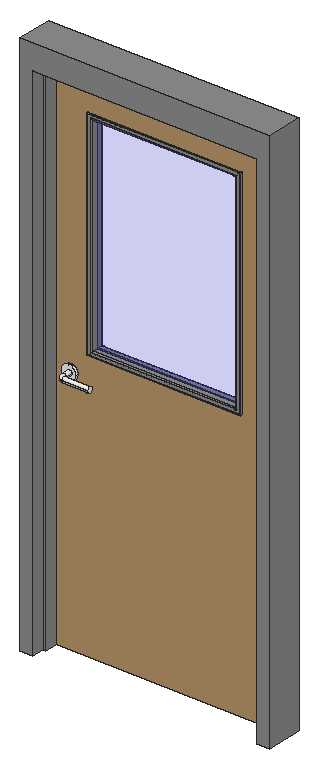
Revit family "5290b7bf82ff423a8526fb3d833f64e2", category Doors, host Wall, Revit 2021
Family settings
  Host = Wall
  OmniClass Number = 23.30.10.00
  OmniClass Title = Doors
  Always vertical = Yes
  Cut with Voids When Loaded = No
  Shared = No
  Room Calculation Point = No
Parameters
  Visual Light Transmittance = 0
  Thickness = 1 3/4"
  Thermal Resistance (R) = 2.5876 (h·ft²·°F)/BTU
  Swing Angle [instance] = 90.00°
  Strike Height = 40"
  Solar Heat Gain Coefficient = 0
  Rough Width [instance] = Width + MF Opening Width  # 40"
  Rough Height [instance] = Height + MF Opening Height  # 88"
  Panel Material = Wood - Birch
  Masonry Frame [instance] = yes
  MF Opening Height [instance] = if(Masonry Frame, 4", 1 1/4")  # 4"
  MF Opening Width [instance] = if(Masonry Frame, 4", 2 1/2")  # 4"
  Inset Calculate [instance] = if(Masonry Frame, Masonry Inset + 3", 3")  # 4"
  Masonry Inset [instance] = 1"
  Height = 84"
  Wall Closure = By host
  Width = 36"
  Heat Transfer Coefficient (U) = 0.3865 BTU/(h·ft²·°F)
  Glazing = Glass
  Glass Stop Material = Metal - Paint Finish - Grey
  Function = Exterior
  Frame Material = Metal - Paint Finish - Grey
  Masonry Frame Depth = 5 3/4"
  Dry Wall Frame [instance] = not(Masonry Frame)  # no
  Door Handle Material = Aluminum
  Assembly Code = "B2030100"
  Analytic Construction = "Wooden"
Reference planes
  plane 1 "Center (Front/Back)": y = 0
  plane 2 "Center (Left/Right)": x = 0
  plane 3 "Left": x = -508
  plane 4 "Right": x = 508
  plane 5 "Top": z = 2235.2
  plane 6 "Exterior": y = 107.95
  plane 7 "Interior": y = -95.25
  plane 8 "Door Panel Left": x = -457.2
  plane 9 "Door Panel Right": x = 457.2
  plane 10 "Top Of Panel": z = 2133.6
  plane 11: z = 0
  plane 12: z = 0
  plane 13 "Door Back": y = 38.1
  plane 14: z = 1016
  plane 15 "Door Front": y = 82.55
  plane 16: y = -63.5
  plane 17: y = 33.337
  plane 18: x = -441.325
  plane 19: y = -14.288
  plane 20: z = 2184.4
  plane 21: y = 184.15
  plane 22: z = 2184.4
  plane 23: x = 476.25
  plane 24: x = 527.05
  plane 25: y = 120.65
  plane 26: y = -107.95
  plane 27: x = 460.375
  plane 28: y = 33.337
  plane 29: y = -4.763
  plane 30: z = 1981.2
  plane 31: z = 1111.25
  plane 32: x = -304.8
  plane 33: x = 304.8
  plane 34: y = 63.5
  plane 35: y = 57.15
  plane 36: y = 60.325
  plane 37 "Glass": y = 60.325
Forms (mm)
  Extrusion 1, solid, material "Wood - Birch" <- "Panel Material"
    sketch origin (0, 0, 0) x (1, 0, 0) y (0, 0, 1)
      loop
        line (457.2, 2133.6) -> (-457.2, 2133.6) -> (-457.2, 0) -> (457.2, 0) -> (457.2, 2133.6)
      loop
        line (304.8, 1981.2) -> (-304.8, 1981.2) -> (-304.8, 1111.25) -> (304.8, 1111.25) -> (304.8, 1981.2)
    from -82.55 to -38.1
  Sweep 2, solid, material "Metal - Paint Finish - Grey" <- "Frame Material", visible <- "Masonry Frame"
    path origin (0, 107.95, 0) x (1, 0, 0) y (0, 0, 1)
      loop
        line (508, 0) -> (508, 2184.4) -> (-508, 2184.4) -> (-508, 0)
    profile origin (-508, 107.95, 1092.2) x (0, -1, 0) y (1, 0, 0)
      loop
        line (25.4, 50.8) -> (25.4, 0) -> (171.45, 0) -> (171.45, 50.8) -> (122.238, 50.8) -> (122.238, 66.675) -> (74.613, 66.675) -> (74.613, 50.8) -> (25.4, 50.8)
  Extrusion 3, solid, material "Metal - Paint Finish - Grey" <- "Frame Material", visible <- "Masonry Frame"
    sketch origin (0, 0, 0) x (0, 1, 0) y (0, 0, 1)
      loop
        line (82.55, 2235.2) -> (-63.5, 2235.2) -> (-63.5, 2184.4) -> (82.55, 2184.4) -> (82.55, 2235.2)
    from -508 to 508
  Sweep 4, solid, material "Metal - Paint Finish - Grey" <- "Frame Material", visible <- "Dry Wall Frame"
    path origin (0, 107.95, 0) x (1, 0, 0) y (0, 0, 1)
      loop
        line (508, 0) -> (508, 2235.2) -> (-508, 2235.2) -> (-508, 0)
    profile origin (508, 107.95, 1117.6) x (-1, 0, 0) y (0, -1, 0)
      loop
        line (-19.05, -12.7) -> (31.75, -12.7) -> (31.75, 74.613) -> (47.625, 74.613) -> (47.625, 112.713) -> (31.75, 112.713) -> (31.75, 215.9) -> (-19.05, 215.9) -> (-19.05, 203.2) -> (0, 203.2) -> (0, 0) -> (-19.05, 0) -> (-19.05, -12.7)
  Extrusion 5, solid, material "Glass" <- "Glazing"
    sketch origin (0, 60.325, 0) x (1, 0, 0) y (0, 0, 1)
      loop
        line (304.8, 1981.2) -> (-304.8, 1981.2) -> (-304.8, 1111.25) -> (304.8, 1111.25) -> (304.8, 1981.2)
    from -3.175 to 3.175
  Sweep 6, solid, material "Metal - Paint Finish - Grey" <- "Glass Stop Material", detail levels fine
    path origin (0, 82.55, 0) x (-1, 0, 0) y (0, 0, 1)
      loop
        line (-304.8, 1981.2) -> (-304.8, 1111.25) -> (304.8, 1111.25) -> (304.8, 1981.2) -> (-304.8, 1981.2)
    profile "Glazing Bead : Glazing Bead" origin (0, 82.55, 1981.2) x (0, 0, 1) y (0, 1, 0)
      loop
        line (0, 0) -> (8, 0) -> (8, 4)
        arc (8, 4) -> (7.414, 5.414) -> (6, 6) r 2
        line (6, 6) -> (-7, 6)
        arc (-7, 6) -> (-10.536, 4.536) -> (-12, 1) r 5
        line (-12, 1) -> (-12, -19.05) -> (0, -19.05) -> (0, 0)
  Sweep 7, solid, material "Metal - Paint Finish - Grey" <- "Glass Stop Material", detail levels fine
    path origin (0, 38.1, 0) x (-1, 0, 0) y (0, 0, 1)
      loop
        line (-304.8, 1111.25) -> (304.8, 1111.25) -> (304.8, 1981.2) -> (-304.8, 1981.2) -> (-304.8, 1111.25)
    profile "Glazing Bead : Glazing Bead" origin (0, 38.1, 1111.25) x (0, 0, 1) y (0, 1, 0)
      loop
        line (0, 0) -> (-8, 0) -> (-8, -4)
        arc (-8, -4) -> (-7.414, -5.414) -> (-6, -6) r 2
        line (-6, -6) -> (7, -6)
        arc (7, -6) -> (10.536, -4.536) -> (12, -1) r 5
        line (12, -1) -> (12, 19.05) -> (0, 19.05) -> (0, 0)
Cuts and joins
  joined: Sweep 2, Extrusion 3
Lines and regions (mm)
  Opening 1
    outline origin (-2286, -95.25, 0) x (1, 0, 0) y (0, 0, 1)
      loop
        line (1778, 0) -> (2794, 0) -> (2794, 2235.2) -> (1778, 2235.2) -> (1778, 0)
  Masking region 1, visible <- "Masonry Frame", detail levels coarse+medium
    outline origin (0, 0, 0) x (1, 0, 0) y (0, 1, 0)
      loop
        line (-508, 82.55) -> (-508, -63.5) -> (-457.2, -63.5) -> (-457.2, 82.55) -> (-508, 82.55)
      loop
        line (508, 82.55) -> (457.2, 82.55) -> (457.2, -63.5) -> (508, -63.5) -> (508, 82.55)
  Masking region 2, visible <- "Masonry Frame", detail levels fine
    outline origin (0, 0, 0) x (1, 0, 0) y (0, 1, 0)
      loop
        line (-508, 82.55) -> (-508, -63.5) -> (-457.2, -63.5) -> (-457.2, -14.288) -> (-441.325, -14.288) -> (-441.325, 33.337) -> (-457.2, 33.337) -> (-457.2, 82.55) -> (-508, 82.55)
      loop
        line (508, 82.55) -> (457.2, 82.55) -> (457.2, 33.337) -> (441.325, 33.337) -> (441.325, -14.288) -> (457.2, -14.288) -> (457.2, -63.5) -> (508, -63.5) -> (508, 82.55)
  Masking region 3, visible <- "Dry Wall Frame", detail levels coarse+medium
    outline origin (0, 0, 0) x (1, 0, 0) y (0, 1, 0)
      loop
        line (476.25, -95.25) -> (508, -95.25) -> (508, 107.95) -> (476.25, 107.95) -> (476.25, -95.25)
      loop
        line (-508, 107.95) -> (-508, -95.25) -> (-476.25, -95.25) -> (-476.25, 107.95) -> (-508, 107.95)
  Masking region 4, visible <- "Dry Wall Frame", detail levels fine
    outline origin (0, 0, 0) x (1, 0, 0) y (0, 1, 0)
      loop
        line (-527.05, 120.65) -> (-527.05, 107.95) -> (-508, 107.95) -> (-508, -95.25) -> (-527.05, -95.25) -> (-527.05, -107.95) -> (-476.25, -107.95) -> (-476.25, -4.763) -> (-460.375, -4.763) -> (-460.375, 33.337) -> (-476.25, 33.337) -> (-476.25, 120.65) -> (-527.05, 120.65)
      loop
        line (527.05, 107.95) -> (527.05, 120.65) -> (476.25, 120.65) -> (476.25, 33.337) -> (460.375, 33.337) -> (460.375, -4.763) -> (476.25, -4.763) -> (476.25, -107.95) -> (527.05, -107.95) -> (527.05, -95.25) -> (508, -95.25) -> (508, 107.95) -> (527.05, 107.95)
  symbolic lines, style "Elevation Swing"
    curve 1: line (-457.2, 107.95, 2133.6) -> (457.2, 107.95, 1066.8)
    curve 2: line (457.2, 107.95, 1066.8) -> (-457.2, 107.95, 0)
  symbolic lines, style "DoorsGlassProjection"
    curve 3: line (0, 60.325, 1981.2) -> (0, 60.325, 1111.25)
  model lines, style "DoorsGlassProjection"
    curve 4: line (304.8, 60.325, 1981.2) -> (304.8, 60.325, 1111.25)
    curve 5: line (-304.8, 60.325, 1981.2) -> (-304.8, 60.325, 1111.25)
Text (mm)
  text "Exterior" at (-1904.17, 693.701, 0), in view "Ref. Level"
  text "Interior" at (-1904.17, -638.649, 0), in view "Ref. Level"
  text "Exterior" at (0, 1019.848, 3124.603), in view "Right"
  text "Interior" at (0, -1635.541, 3124.603), in view "Right"
  text "Interior" at (0, -787.806, 3124.376), in view "Left"
  text "Exterior" at (0, 1386.095, 3124.376), in view "Left"
Dimensions and locks
  equal spacing: plane 3 "Left", plane 2 "Center (Left/Right)", plane 4 "Right"
  "Rough Height": level to plane 5 "Top"
  equal spacing: plane 8 "Door Panel Left", plane 2 "Center (Left/Right)", plane 9 "Door Panel Right"
  "Width": plane 8 "Door Panel Left" to plane 9 "Door Panel Right"
  "Height": level to plane 10 "Top Of Panel"
  plane 11 to plane 12 = 0"
  "Rough Width": plane 3 "Left" to plane 4 "Right"
  equal spacing: plane 12, curve 2, plane 10 "Top Of Panel"
  "Thickness": plane 15 "Door Front" to plane 13 "Door Back"
  "Masonry Frame Depth": plane 15 "Door Front" to plane 16
  locked: plane 13 "Door Back" to plane 17 at 4.763
  locked: plane 16 to plane 19 at 49.213
  locked: plane 8 "Door Panel Left" to plane 18 at 15.875
  locked: plane 20 to plane 5 "Top" at 50.8
  locked: plane 6 "Exterior" to plane 21 at 76.2
  "Inset Calculate": plane 21 to plane 15 "Door Front"
  locked: plane 10 "Top Of Panel" to plane 22 at 50.8
  locked: plane 4 "Right" to plane 24 at 19.05
  locked: plane 6 "Exterior" to plane 25 at 12.7
  locked: plane 26 to plane 7 "Interior" at 12.7
  locked: plane 23 to plane 24 at 50.8
  plane 13 "Door Back" to plane 28 to plane 29 = 3/16" locked, 1 1/2" locked
  locked: plane 27 to plane 23 at 15.875
  "Strike Height": plane 11 to plane 14
  locked: plane 30 to plane 10 "Top Of Panel" at 152.4
  locked: plane 8 "Door Panel Left" to plane 32 at 152.4
  equal spacing: plane 15 "Door Front", plane 36, plane 13 "Door Back"
  locked: plane 36 to plane 35 at 3.175
  locked: plane 34 to plane 36 at 3.175
  locked: plane 33 to plane 9 "Door Panel Right" at 152.4
  locked: plane 14 to plane 31 at 95.25
  equal spacing: plane 15 "Door Front", curve 3, plane 13 "Door Back"
  equal spacing: plane 15 "Door Front", plane 37 "Glass", plane 13 "Door Back"
  aligned and locked: plane 3 "Left" to Opening 1 sketch curve
  aligned and locked: plane 5 "Top" to Opening 1 sketch curve  (x2)
  aligned and locked: Opening 1 sketch curve to plane 4 "Right"
  aligned and locked: Opening 1 sketch curve to level
  aligned and locked: plane 6 "Exterior" to host wall
  aligned and locked: plane 7 "Interior" to host wall
  aligned and locked: plane 11 to level
  aligned and locked: Extrusion 1 sketch curve to plane 10 "Top Of Panel"
  aligned and locked: Extrusion 1 sketch curve to plane 8 "Door Panel Left"
  aligned and locked: plane 9 "Door Panel Right" to Extrusion 1 sketch curve
  aligned and locked: Extrusion 1 sketch curve to plane 12
  aligned and locked: Extrusion 1 to plane 13 "Door Back"
  aligned and locked: nested 1 to plane 9 "Door Panel Right"
  aligned and locked: nested 2 to plane 8 "Door Panel Left"
  aligned and locked: nested 2 to plane 14
  aligned and locked: plane 8 "Door Panel Left" to nested 3
  aligned and locked: nested 3 to plane 13 "Door Back"
  aligned and locked: plane 14 to nested 3
  aligned and locked: nested 1 to plane 15 "Door Front"
  aligned and locked: nested 2 to plane 15 "Door Front"
  aligned and locked: Extrusion 1 to nested 1
  aligned and locked: Sweep 2 sketch curve to plane 3 "Left"  (x2)
  aligned and locked: plane 11 to Sweep 2 sketch curve  (x2)
  aligned and locked: plane 18 to Sweep 2 sketch curve
  aligned and locked: plane 8 "Door Panel Left" to Sweep 2 sketch curve  (x2)
  aligned and locked: plane 17 to Sweep 2 sketch curve
  aligned and locked: Sweep 2 sketch curve to plane 19
  aligned and locked: Sweep 2 sketch curve to plane 16
  aligned and locked: Sweep 2 sketch curve to plane 15 "Door Front"
  aligned and locked: Sweep 2 sketch curve to plane 4 "Right"
  aligned and locked: plane 5 "Top" to Extrusion 3 sketch curve
  aligned and locked: Extrusion 3 sketch curve to plane 16
  aligned and locked: Extrusion 3 sketch curve to plane 15 "Door Front"
  aligned and locked: plane 20 to Extrusion 3 sketch curve
  aligned and locked: cut or joined group of Sweep 2, Extrusion 3 to plane 4 "Right"
  aligned and locked: plane 3 "Left" to cut or joined group of Sweep 2, Extrusion 3
  aligned and locked: Masking region 1 sketch curve to plane 15 "Door Front"
  aligned and locked: plane 8 "Door Panel Left" to Masking region 1 sketch curve
  aligned and locked: Masking region 1 sketch curve to plane 16
  aligned and locked: Masking region 1 sketch curve to plane 3 "Left"
  aligned and locked: plane 15 "Door Front" to Masking region 1 sketch curve
  aligned and locked: Masking region 1 sketch curve to plane 4 "Right"
  aligned and locked: plane 9 "Door Panel Right" to Masking region 1 sketch curve
  aligned and locked: plane 16 to Masking region 1 sketch curve
  aligned and locked: Masking region 2 sketch curve to plane 3 "Left"
  aligned and locked: Masking region 2 sketch curve to plane 16
  aligned and locked: plane 8 "Door Panel Left" to Masking region 2 sketch curve  (x2)
  aligned and locked: Masking region 2 sketch curve to plane 15 "Door Front"
  aligned and locked: Masking region 2 sketch curve to cut or joined group of Sweep 2, Extrusion 3  (x4)
  aligned and locked: plane 15 "Door Front" to Masking region 2 sketch curve
  aligned and locked: Masking region 2 sketch curve to plane 4 "Right"
  aligned and locked: plane 9 "Door Panel Right" to Masking region 2 sketch curve  (x2)
  aligned and locked: plane 16 to Masking region 2 sketch curve
  aligned and locked: cut or joined group of Sweep 2, Extrusion 3 to Masking region 2 sketch curve  (x2)
  aligned and locked: plane 22 to Sweep 2 sketch curve
  aligned and locked: plane 4 "Right" to Sweep 4 sketch curve
  aligned and locked: Sweep 4 sketch curve to plane 3 "Left"
  aligned and locked: plane 24 to Sweep 4 sketch curve  (x2)
  aligned and locked: Sweep 4 sketch curve to plane 7 "Interior"
  aligned and locked: Sweep 4 sketch curve to plane 26
  aligned and locked: Sweep 4 sketch curve to plane 23  (x2)
  aligned and locked: Sweep 4 sketch curve to plane 29
  aligned and locked: plane 27 to Sweep 4 sketch curve
  aligned and locked: plane 28 to Sweep 4 sketch curve
  aligned and locked: Sweep 4 sketch curve to plane 25
  aligned and locked: plane 6 "Exterior" to Sweep 4 sketch curve
  aligned and locked: Sweep 4 sketch curve to plane 4 "Right"
  aligned and locked: plane 5 "Top" to Sweep 4 sketch curve
  aligned and locked: Masking region 3 sketch curve to plane 6 "Exterior"
  aligned and locked: plane 7 "Interior" to Masking region 3 sketch curve
  aligned and locked: Masking region 3 sketch curve to plane 4 "Right"
  aligned and locked: Masking region 3 sketch curve to Sweep 4  (x2)
  aligned and locked: plane 6 "Exterior" to Masking region 3 sketch curve
  aligned and locked: Masking region 3 sketch curve to plane 3 "Left"
  aligned and locked: Masking region 3 sketch curve to plane 7 "Interior"
  aligned and locked: Masking region 4 sketch curve to plane 3 "Left"
  aligned and locked: Masking region 4 sketch curve to Sweep 4  (x13)
  aligned and locked: Masking region 4 sketch curve to plane 6 "Exterior"
  aligned and locked: plane 7 "Interior" to Masking region 4 sketch curve
  aligned and locked: Masking region 4 sketch curve to plane 4 "Right"
  aligned and locked: Masking region 4 sketch curve to plane 7 "Interior"
  aligned and locked: Sweep 4 to Masking region 4 sketch curve  (x5)
  aligned and locked: plane 6 "Exterior" to Masking region 4 sketch curve
  aligned and locked: plane 11 to Sweep 4 sketch curve  (x2)
  aligned and locked: Extrusion 1 sketch curve to plane 30
  aligned and locked: Extrusion 1 sketch curve to plane 32
  aligned and locked: plane 31 to Extrusion 1 sketch curve
  aligned and locked: Extrusion 1 sketch curve to plane 33
  aligned and locked: Extrusion 5 sketch curve to plane 32
  aligned and locked: Extrusion 5 sketch curve to plane 33
  aligned and locked: Extrusion 5 sketch curve to plane 30
  aligned and locked: plane 31 to Extrusion 5 sketch curve
  aligned and locked: Extrusion 5 to plane 34
  aligned and locked: Extrusion 5 to plane 35
  aligned and locked: plane 31 to Sweep 6 sketch curve
  aligned and locked: Sweep 6 sketch curve to plane 32
  aligned and locked: Sweep 6 sketch curve to plane 30
  aligned and locked: Sweep 6 sketch curve to plane 33
  aligned and locked: Sweep 7 sketch curve to plane 30
  aligned and locked: Sweep 7 sketch curve to plane 31
  aligned and locked: Sweep 7 sketch curve to plane 32
  aligned and locked: plane 33 to Sweep 7 sketch curve
  aligned and locked: plane 31 to curve 3
  aligned and locked: plane 30 to curve 3
  aligned and locked: plane 30 to curve 5
  aligned and locked: plane 30 to curve 4
  aligned and locked: plane 31 to curve 5
  aligned and locked: plane 31 to curve 4
  aligned and locked: curve 4 to plane 33
  aligned and locked: curve 5 to plane 32
Automatic sketch dimensions
  curve 2 to level = 0"
  plane 8 "Door Panel Left" to curve 2 = 0"
  plane 8 "Door Panel Left" to curve 1 = 0"
  plane 9 "Door Panel Right" to curve 2 = 0"
  curve 1 to plane 10 "Top Of Panel" = 0"
Nested families
  nested 1: "Door Swing-Single" at (457.2, 82.55, 0), Swing Angle <- "Swing Angle", type "Single"
    with Swing Visible yes, Swing Angle 90.00°, Actual Angle 90.00°
  nested 2: "Handle Lever" at (-607.2, 82.55, 1016), type "Standard", detail levels fine
  nested 3: "Handle Lever" at (-607.2, 38.1, 1016), type "Standard", detail levels fine
Definition of nested family "Handle Lever"
  Parameters (values of type "Standard")
    Material = none
    Handle Z Distance = 0"
    Handle X Distance = 2 61/64"
    Assembly Code = ""
    Analytic Construction = "<None>"
  Reference planes
    plane 1 "Center (Front/Back)": y = 0
    plane 2: z = 0
    plane 3 "Center (Left/Right)": x = 150
    plane 4: z = 0
    plane 5 "Handle C/L": x = 225.009
  Forms (mm)
    Extrusion 1, solid, material <- "Material"
      sketch origin (300, 0, 0) x (1, 0, 0) y (0, 0, -1)
        loop
          circle (-77.491, 0) r 30
      from 0 to 8
    Sweep 2, solid, material <- "Material"
      path origin (0, 0, 0) x (0, -1, 0) y (1, 0, 0)
        loop
          line (-8, 225.009) -> (-38, 225.009)
          arc (-38, 225.009) -> (-48.607, 229.403) -> (-53, 240.009) r 15
          line (-53, 240.009) -> (-53, 345.009)
      profile origin (225.009, 23, 0) x (1, 0, 0) y (0, 0, 1)
        loop
          circle (0, 0) r 10
  Dimensions and locks
    "Handle Z Distance": plane 4 to level
    Sweep 2 sketch curve to Sweep 2 sketch curve = 4.13386"
    "Handle X Distance": plane 5 "Handle C/L" to plane 3 "Center (Left/Right)"
    plane 5 "Handle C/L" to Sweep 2 sketch curve = 4.72441"
    aligned and locked: plane 4 to Extrusion 1 sketch curve
  Automatic sketch dimensions
    Sweep 2 sketch curve to profile plane = 0"  (x2)
    Sweep 2 sketch curve to plane 5 "Handle C/L" = 0"
    Sweep 2 sketch curve to plane 1 "Center (Front/Back)" = 2.08661"
    Sweep 2 sketch curve to plane 1 "Center (Front/Back)" = 0.31496"
    Extrusion 1 sketch curve to plane 5 "Handle C/L" = 0.09843"
    radius of Sweep 2 sketch curve = 0.3937"
    radius of Extrusion 1 sketch curve = 1.1811"
Definition of nested family "Door Swing-Single"
  Parameters
    Width = 36"
    Thickness = 1 3/4"
    Swing Visible [instance] = Swing Angle > 1.00°  # yes
    Swing Angle [instance] = 45.00°
    Assembly Code = ""
    Analytic Construction = "<None>"
    Actual Angle [instance] = if(Swing Angle < 1.00°, 1.00°, Swing Angle)  # 45.00°
  Reference planes
    plane 1 "Center (Front/Back)": y = 0
    plane 2: z = 0
    plane 3 "Center (Left/Right)": x = 0
    plane 4: x = -914.4
  Lines and regions (mm)
    Masking region 1
      outline origin (0, 0, 0) x (-0.707107, 0.707107, 0) y (-0.707107, -0.707107, 0)
        loop
          line (0, 0) -> (914.4, 0) -> (914.4, 44.45) -> (0, 44.45) -> (0, 0)
    symbolic lines
      curve 1: line (0, 0, 0) -> (-914.4, 0, 0)
    symbolic lines, visible <- "Swing Visible"
      curve 2: arc (-914.4, 0, 0) -> (-844.795, 349.926, 0) -> (-646.578, 646.578, 0) r 914.4
    reference lines
      curve 3: line (0, 0, 0) -> (-646.578, 646.578, 0)
    model lines
      curve 4: line (0, 0, 0) -> (0, 0, 25.4)
  Dimensions and locks
    "Width": plane 4 to plane 3 "Center (Left/Right)"
    locked: curve 2 to plane 3 "Center (Left/Right)"
    locked: curve 2 to plane 1 "Center (Front/Back)"
    "Width": curve 3 to curve 3
    "Thickness": Masking region 1 sketch curve to Masking region 1 sketch curve
    locked: curve 4 to plane 2 at 25.4
    "Width": radius of curve 2
    "Actual Angle": angle curve 2 to curve 2
    "Swing Angle": angle curve 3 to plane 1 "Center (Front/Back)"
    aligned and locked: curve 1 to plane 1 "Center (Front/Back)"
    aligned and locked: plane 3 "Center (Left/Right)" to curve 1
    aligned and locked: plane 3 "Center (Left/Right)" to curve 3
    aligned and locked: plane 1 "Center (Front/Back)" to curve 3
    aligned and locked: curve 3 to Masking region 1 sketch curve
    aligned and locked: Masking region 1 sketch curve to curve 3  (x2)
    aligned and locked: plane 3 "Center (Left/Right)" to curve 4
    aligned and locked: plane 2 to curve 4
